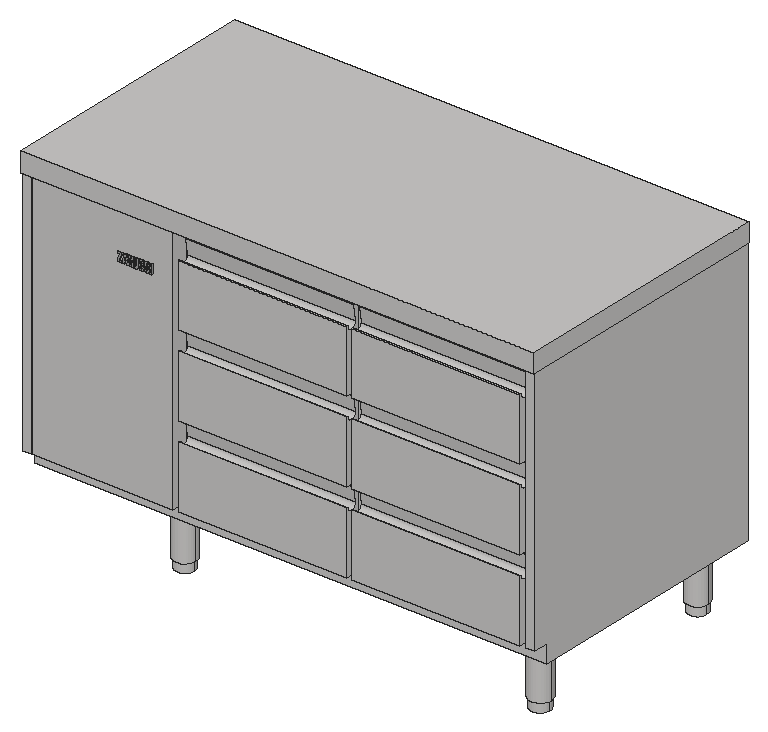
Revit family "QF_ZANUSSI_111033_ZH2HBCC", category Specialty Equipment, Revit 2018
Family settings
  Round Connector Dimension = Use Diameter
  Part Type = Normal
  Work Plane-Based = No
  Always vertical = Yes
  Cut with Voids When Loaded = No
  Shared = No
  Room Calculation Point = No
Parameters
  Weight = 0.00 kg
  Watts = 0.0232258 W
  Volts = 220 V
  URL Manufacturer = "http://www.zanussiprofessional.com/"
  URL = "http://www.zanussiprofessional.com/"
  Steam Supply Size = 0 mm
  Steam Supply Minimum Pressure = 0.0 Pa
  Steam Supply Maximum Pressure = 0.0 Pa
  Steam Pounds per Hour = 0
  Show Logo [instance] = yes
  Show Clearance [instance] = yes
  Refrigeration Suction Line Size = 0 mm
  Refrigeration Liquid Line Size = 0 mm
  Refrigerant Compressor Remote = yes
  Manufacturer = "Zanussi"
  Phase = 1
  Model = "ZH2HBCC"
  Length Actual = 1345 mm  # constant formula
  Item Number = "111033"
  Hot Water Size = 0 mm
  Height Actual = 900 mm  # constant formula
  HP = "0.3 HP"
  Gas Size = 0 mm
  Gas KW = 0
  Gas Input Pressure = 0 W
  Description = "6X 1/3 DRAWERS REFRIGER.TABLE 290L"
  Depth Actual = 700 mm  # constant formula
  Cycle = 50 Hz
  Condensate Return Size = 0 mm
  Compressed Air Volume = 0.0 L/s
  Compressed Air Size = 0 mm
  Compressed Air Pressure = 0.0 Pa
  Cold Water Size = 0 mm
  Accessory = yes
Reference planes
  plane 1 "Center X": y = 182.5
  plane 2: z = 0
  plane 3 "Center Y": x = -126.5
  plane 4: y = -62.5
  plane 5: y = 451.5
  plane 6 "BACK": y = 532.5
  plane 7 "FRONT": y = -167.5
  plane 8: x = -452
  plane 9: x = 478
  plane 10: z = 150
  plane 11 "TOP": z = 900
  plane 12: z = 850
  plane 13 "LEFT": x = -797
  plane 14 "RIGHT": x = 544
  plane 15: x = -799
  plane 16: x = 546
Forms (mm)
  Extrusion 1, solid, material "QF_Finishes_Stainless Steel"
    sketch origin (-126.5, 2, 0) x (0, 1, 0) y (0, 0, 1)
      loop
        line (530.5, 150) -> (530.5, 850) -> (-124.5, 850) -> (-124.5, 150) -> (530.5, 150)
    from -670.5 to 670.5
  Extrusion 2, solid, material "QF_Finishes_Stainless Steel"
    sketch origin (-1022.223, -1524, 150) x (-1, 0, 0) y (0, -1, 0)
      loop
        line (-225.223, -1361.5) -> (-250.223, -1361.5) -> (-250.223, -1401.5) -> (-225.223, -1401.5) -> (-225.223, -1361.5)
      loop
        line (-1566.223, -1401.5) -> (-1541.223, -1401.5) -> (-1541.223, -1361.5) -> (-1566.223, -1361.5) -> (-1566.223, -1401.5)
    from 47 to 700
  Extrusion 3, solid, material "QF_Finishes_Stainless Steel"
    sketch origin (0, 0, 900) x (-1, 0, 0) y (0, -1, 0)
      loop
        circle (-57, -94.5) r 8.45
    from -790.577 to -750
  Extrusion 4, solid, material "QF_Finishes_Stainless Steel"
    sketch origin (0, 0, 0) x (1, 0, 0) y (0, 1, 0)
      loop
        circle (-713, 451.5) r 4
    from 109.423 to 150
  Extrusion 5, solid, material "QF_Finishes_Stainless Steel"
    sketch origin (-126.5, 0, 0) x (0, 1, 0) y (0, 0, 1)
      loop
        line (-167.5, 900) -> (-167.5, 850) -> (532.5, 850) -> (532.5, 900) -> (-167.5, 900)
    from 672.5 to -672.5
Cuts and joins
  joined: Extrusion 1, Extrusion 2
Lines and regions (mm)
  symbolic lines, style "SpecialityEquipmentHiddenLines"
    curve 1: line (-799, -122.5, 900) -> (546, -122.5, 900)
    curve 2: line (-396, -167.5, 900) -> (-396, -122.5, 900)
  symbolic lines, style "SpecialityEquipment"
    curve 3: line (-799, 532.5, 900) -> (546, 532.5, 900)
    curve 4: line (-799, 532.5, 900) -> (-799, -167.5, 900)
    curve 5: line (-799, -167.5, 900) -> (546, -167.5, 900)
    curve 6: line (546, -167.5, 900) -> (546, 532.5, 900)
Dimensions and locks
  locked: plane 6 "BACK" to plane 7 "FRONT" at 700
  equal spacing: plane 6 "BACK", plane 1 "Center X", plane 7 "FRONT"
  locked: plane 6 "BACK" to plane 5 at 81
  plane 10 to level = 150 mm
  plane 11 "TOP" to plane 12 to plane 10 = 50 mm locked, 700 mm locked
  locked: Extrusion 2 sketch curve to Extrusion 2 sketch curve at 25  (x2)
  locked: plane 4 to plane 7 "FRONT" at 105
  locked: plane 6 "BACK" to Extrusion 3 sketch curve at 438
  equal spacing: plane 13 "LEFT", plane 3 "Center Y", plane 14 "RIGHT"
  plane 15 to plane 16 = 1345 mm
  locked: plane 13 "LEFT" to plane 8 at 345
  locked: plane 9 to plane 14 "RIGHT" at 66
  locked: Extrusion 3 sketch curve to plane 14 "RIGHT" at 487
  plane 13 "LEFT" to Extrusion 4 sketch curve = 84 mm
  locked: plane 6 "BACK" to Extrusion 4 sketch curve at 81
  locked: plane 10 to Extrusion 4 at 40.577
  aligned and locked: level to plane 2
  aligned and locked: plane 10 to Extrusion 3
  aligned and locked: nested 4 to plane 4
  aligned and locked: nested 1 to plane 4
  aligned and locked: nested 3 to plane 5
  aligned and locked: nested 2 to plane 5
  aligned and locked: plane 8 to nested 1
  aligned and locked: plane 8 to nested 2
  aligned and locked: plane 9 to nested 4
  aligned and locked: plane 9 to nested 3
  aligned and locked: Extrusion 1 to Extrusion 2
  aligned and locked: Extrusion 2 to Extrusion 1
  aligned and locked: Extrusion 2 sketch curve to plane 14 "RIGHT"
  aligned and locked: plane 13 "LEFT" to Extrusion 2 sketch curve
  aligned and locked: cut or joined group of Extrusion 1, Extrusion 2 to plane 10
  aligned and locked: plane 12 to cut or joined group of Extrusion 1, Extrusion 2
  aligned and locked: plane 10 to Extrusion 4
  aligned and locked: Extrusion 5 sketch curve to plane 11 "TOP"
  aligned and locked: plane 7 "FRONT" to Extrusion 5 sketch curve
  aligned and locked: Extrusion 5 sketch curve to cut or joined group of Extrusion 1, Extrusion 2  (x2)
  aligned and locked: Extrusion 5 to curve 3
Automatic sketch dimensions
  plane 7 "FRONT" to Extrusion 2 sketch curve = 45 mm  (x2)
  plane 7 "FRONT" to Extrusion 2 sketch curve = 5 mm  (x2)
  curve 2 to plane 7 "FRONT" = 0 mm
  curve 5 to plane 15 = 0 mm
  curve 3 to plane 6 "BACK" = 0 mm
  plane 8 to curve 2 = 56 mm
  plane 7 "FRONT" to curve 1 = 45 mm
  Extrusion 1 sketch curve to plane 10 = 0 mm
  Extrusion 1 sketch curve to plane 12 = 0 mm
  Extrusion 1 sketch curve to plane 6 "BACK" = 0 mm
  plane 7 "FRONT" to Extrusion 1 sketch curve = 45 mm
  radius of Extrusion 3 sketch curve = 8.45 mm
  radius of Extrusion 4 sketch curve = 4 mm
Nested families
  nested 1: "Foot_Ø50_H150" at (-452, -62.5, 0), type "Foot_Ø50_H150"
  nested 2: "Foot_Ø50_H150" at (-452, 451.5, 0), type "Foot_Ø50_H150"
  nested 3: "Foot_Ø50_H150" at (478, 451.5, 0), type "Foot_Ø50_H150"
  nested 4: "Foot_Ø50_H150" at (478, -62.5, 0), type "Foot_Ø50_H150"
  nested 5: "3x1-3 Drawers" at (285, -164.5, 0), Show Clearance <- "Show Clearance", type "3x1-3 Drawers"
  nested 6: "3x1-3 Drawers" at (-169, -164.5, 0) x (-1, 0, 0) z (0, 0, 1), Show Clearance <- "Show Clearance", type "3x1-3 Drawers"
  nested 7: "Refrigerator" at (544, -167.5, 900), type "Refrigerator"
  nested 8: "ZAN_Cooling Unit" at (-587.5, -164.5, 0), Show Logo <- "Show Logo", type "ZAN_Cooling Unit"
Connectors
  electrical at (-713, 451.5, 109.423), driven by "Volts"
    settings: on Extrusion 4, index 4, voltage 220 V, apparent load 0 VA, apparent load phase1 0 VA, apparent load phase2 0 VA, apparent load phase3 0 VA, power factor 1, load classification "Altro", number of poles 1, system type 30, power factor state 1, is connector primary yes, connector utility no, sub classification motor no, connector description "Electrical Connection"
  piping at (57, 94.5, 109.423), diameter 17
    settings: on Extrusion 3, index 5, connector inside diameter 609.6 mm, connector length 0 mm, flow factor 0, pipe flow 0.0 L/s, pressure drop 0.0 Pa, fitting loss kfactor 0, connector angle 0.00°, fixture units 0, engagement length 0 mm, angle of deflection 0.00°, flow configuration 1, flow direction 2, fitting loss method 0, system type 16, joint type 0, gender type 0, connector reference index -1, connector utility 0, adjustable connector no, is connector primary yes, connector description "Drain"
Definition of nested family "Foot_Ø50_H150"
  Reference planes
    plane 1 "Centro (Fronte/Retro)": y = 0
    plane 2: z = 0
    plane 3 "Centro (Sinistra/Destra)": x = 0
    plane 4: z = 150
  Forms (mm)
    Revolve 1, solid
      sketch origin (255.05, 0, 608.09) x (0, 0, 1) y (-1, 0, 0)
        loop
          line (-608.09, 255.05) -> (-608.09, 230.05) -> (-583.09, 230.05) -> (-583.09, 226.05) -> (-458.09, 226.05) -> (-458.09, 255.05) -> (-608.09, 255.05)
        axis (-608.09, 255.05) -> (-458.09, 255.05)
      angle from 0 to 360
  Dimensions and locks
    locked: Revolve 1 sketch curve to Revolve 1 sketch curve at 125
    aligned and locked: level to plane 2
    aligned and locked: plane 4 to Revolve 1 sketch curve
    aligned and locked: Revolve 1 sketch curve to level
    aligned and locked: plane 3 "Centro (Sinistra/Destra)" to Revolve 1 sketch curve
Definition of nested family "3x1-3 Drawers"
  Parameters
    Show Clearance [instance] = yes
  Reference planes
    plane 1 "FRONT": y = -3
    plane 2: z = 0
    plane 3 "Centro (Sinistra/Destra)": x = 0
    plane 4: z = 150
    plane 5: z = 850
    plane 6: x = -234
    plane 7: x = 234
    plane 8: x = -220
    plane 9: x = 220
  Forms (mm)
    Extrusion 1, solid
      sketch origin (0, 55, 511) x (0, 0, 1) y (0, -1, 0)
        loop
          line (314, 18) -> (314, 29) -> (274.395, 22.5)
          arc (274.395, 22.5) -> (260.395, 36.5) -> (274.395, 50.5) r 14
          line (274.395, 50.5) -> (274.395, 53) -> (111.333, 53) -> (111.333, 18) -> (314, 18)
        loop
          line (101.333, 29) -> (61.728, 22.5)
          arc (61.728, 22.5) -> (47.728, 36.5) -> (61.728, 50.5) r 14
          line (61.728, 50.5) -> (61.728, 53) -> (-101.333, 53) -> (-101.333, 18) -> (101.333, 18) -> (101.333, 29)
        loop
          line (-314, 18) -> (-111.333, 18) -> (-111.333, 29) -> (-150.939, 22.5)
          arc (-150.939, 22.5) -> (-164.939, 36.5) -> (-150.939, 50.5) r 14
          line (-150.939, 50.5) -> (-150.939, 53) -> (-314, 53) -> (-314, 18)
      from -220 to 220
    Extrusion 2, solid, visible <- "Show Clearance", detail levels coarse
      sketch origin (0, -462, 511) x (0, 0, 1) y (0, -1, 0)
        loop
          line (-314, 109) -> (-314, -464) -> (-111.333, -464) -> (-111.333, 109) -> (-314, 109)
        loop
          line (314, -464) -> (314, 109) -> (111.333, 109) -> (111.333, -464) -> (314, -464)
        loop
          line (101.333, 109) -> (-101.333, 109) -> (-101.333, -464) -> (101.333, -464) -> (101.333, 109)
      from -220 to 220
  Lines and regions (mm)
    symbolic lines
      curve 1: line (-190, -3, 0) -> (-190, -48, 0)
      curve 2: line (220, -48, 0) -> (-220, -48, 0)
      curve 3: line (-220, -48, 0) -> (-220, -83, 0)
      curve 4: line (-220, -83, 0) -> (220, -83, 0)
      curve 5: line (220, -83, 0) -> (220, -48, 0)
      curve 6: line (190, -48, 0) -> (190, -3, 0)
      curve 7: line (-190, -83, 0) -> (-190, -128, 0)
      curve 8: line (220, -128, 0) -> (-220, -128, 0)
      curve 9: line (-220, -128, 0) -> (-220, -163, 0)
      curve 10: line (-220, -163, 0) -> (220, -163, 0)
      curve 11: line (220, -163, 0) -> (220, -128, 0)
      curve 12: line (190, -128, 0) -> (190, -83, 0)
      curve 13: line (-190, -163, 0) -> (-190, -208, 0)
      curve 14: line (220, -208, 0) -> (-220, -208, 0)
      curve 15: line (-220, -208, 0) -> (-220, -243, 0)
      curve 16: line (-220, -243, 0) -> (220, -243, 0)
      curve 17: line (220, -243, 0) -> (220, -208, 0)
      curve 18: line (190, -208, 0) -> (190, -163, 0)
  Dimensions and locks
    aligned and locked: level to plane 2
Definition of nested family "ZAN_Cooling Unit"
  Parameters
    Show Logo [instance] = yes
  Reference planes
    plane 1 "FRONT": y = -3
    plane 2: z = 0
    plane 3 "Centro (Sinistra/Destra)": x = 0
    plane 4: z = 150
    plane 5: z = 850
    plane 6: x = -184.5
    plane 7: x = 184.5
  Forms (mm)
    Extrusion 1, solid
      sketch origin (0, 55, 511) x (0, 0, 1) y (0, -1, 0)
        loop
          line (-314, 53) -> (-314, 13) -> (339, 13) -> (339, 53) -> (-314, 53)
      from -184.5 to 184.5
  Lines and regions (mm)
    Split face 1
      outline origin (0, 2, 197) x (0, 0, 1) y (-1, 0, 0)
        loop
          line (566.835, 184.5) -> (566.835, -184.5)
        loop
          line (521.835, 184.5) -> (521.835, -184.5)
    Split face 2
      outline origin (0, 2, 197) x (0, 0, 1) y (-1, 0, 0)
        loop
          arc (510.649, 158.547) -> (506.648, 162.548) -> (502.647, 158.547) r 4.001
          line (502.647, 158.547) -> (502.647, 116.535)
          arc (502.647, 116.535) -> (506.648, 112.533) -> (510.649, 116.535) r 4.001
          line (510.649, 116.535) -> (510.649, 158.547)
    Split face 3
      outline origin (0, 2, 184.996) x (0, 0, 1) y (-1, 0, 0)
        loop
          arc (510.649, 158.547) -> (506.648, 162.548) -> (502.647, 158.547) r 4.001
          line (502.647, 158.547) -> (502.647, 116.535)
          arc (502.647, 116.535) -> (506.648, 112.533) -> (510.649, 116.535) r 4.001
          line (510.649, 116.535) -> (510.649, 158.547)
    Split face 4
      outline origin (0, 2, 172.993) x (0, 0, 1) y (-1, 0, 0)
        loop
          arc (510.649, 158.547) -> (506.648, 162.548) -> (502.647, 158.547) r 4.001
          line (502.647, 158.547) -> (502.647, 116.535)
          arc (502.647, 116.535) -> (506.648, 112.533) -> (510.649, 116.535) r 4.001
          line (510.649, 116.535) -> (510.649, 158.547)
    Split face 5
      outline origin (0, 2, 160.989) x (0, 0, 1) y (-1, 0, 0)
        loop
          arc (510.649, 158.547) -> (506.648, 162.548) -> (502.647, 158.547) r 4.001
          line (502.647, 158.547) -> (502.647, 116.535)
          arc (502.647, 116.535) -> (506.648, 112.533) -> (510.649, 116.535) r 4.001
          line (510.649, 116.535) -> (510.649, 158.547)
    Split face 6
      outline origin (0, 2, 148.986) x (0, 0, 1) y (-1, 0, 0)
        loop
          arc (510.649, 158.547) -> (506.648, 162.548) -> (502.647, 158.547) r 4.001
          line (502.647, 158.547) -> (502.647, 116.535)
          arc (502.647, 116.535) -> (506.648, 112.533) -> (510.649, 116.535) r 4.001
          line (510.649, 116.535) -> (510.649, 158.547)
    Split face 7
      outline origin (0, 2, 136.982) x (0, 0, 1) y (-1, 0, 0)
        loop
          arc (510.649, 158.547) -> (506.648, 162.548) -> (502.647, 158.547) r 4.001
          line (502.647, 158.547) -> (502.647, 116.535)
          arc (502.647, 116.535) -> (506.648, 112.533) -> (510.649, 116.535) r 4.001
          line (510.649, 116.535) -> (510.649, 158.547)
    Split face 8
      outline origin (0, 2, 124.979) x (0, 0, 1) y (-1, 0, 0)
        loop
          arc (510.649, 158.547) -> (506.648, 162.548) -> (502.647, 158.547) r 4.001
          line (502.647, 158.547) -> (502.647, 116.535)
          arc (502.647, 116.535) -> (506.648, 112.533) -> (510.649, 116.535) r 4.001
          line (510.649, 116.535) -> (510.649, 158.547)
    Split face 9
      outline origin (0, 2, 112.975) x (0, 0, 1) y (-1, 0, 0)
        loop
          arc (510.649, 158.547) -> (506.648, 162.548) -> (502.647, 158.547) r 4.001
          line (502.647, 158.547) -> (502.647, 116.535)
          arc (502.647, 116.535) -> (506.648, 112.533) -> (510.649, 116.535) r 4.001
          line (510.649, 116.535) -> (510.649, 158.547)
    Split face 10
      outline origin (0, 2, 100.972) x (0, 0, 1) y (-1, 0, 0)
        loop
          arc (510.649, 158.547) -> (506.648, 162.548) -> (502.647, 158.547) r 4.001
          line (502.647, 158.547) -> (502.647, 116.535)
          arc (502.647, 116.535) -> (506.648, 112.533) -> (510.649, 116.535) r 4.001
          line (510.649, 116.535) -> (510.649, 158.547)
    Split face 11
      outline origin (0, 2, 88.968) x (0, 0, 1) y (-1, 0, 0)
        loop
          arc (510.649, 158.547) -> (506.648, 162.548) -> (502.647, 158.547) r 4.001
          line (502.647, 158.547) -> (502.647, 116.535)
          arc (502.647, 116.535) -> (506.648, 112.533) -> (510.649, 116.535) r 4.001
          line (510.649, 116.535) -> (510.649, 158.547)
    Split face 12
      outline origin (0, 2, 76.965) x (0, 0, 1) y (-1, 0, 0)
        loop
          arc (510.649, 158.547) -> (506.648, 162.548) -> (502.647, 158.547) r 4.001
          line (502.647, 158.547) -> (502.647, 116.535)
          arc (502.647, 116.535) -> (506.648, 112.533) -> (510.649, 116.535) r 4.001
          line (510.649, 116.535) -> (510.649, 158.547)
    Split face 13
      outline origin (0, 2, 64.961) x (0, 0, 1) y (-1, 0, 0)
        loop
          arc (510.649, 158.547) -> (506.648, 162.548) -> (502.647, 158.547) r 4.001
          line (502.647, 158.547) -> (502.647, 116.535)
          arc (502.647, 116.535) -> (506.648, 112.533) -> (510.649, 116.535) r 4.001
          line (510.649, 116.535) -> (510.649, 158.547)
    Split face 14
      outline origin (0, 2, 52.958) x (0, 0, 1) y (-1, 0, 0)
        loop
          arc (510.649, 158.547) -> (506.648, 162.548) -> (502.647, 158.547) r 4.001
          line (502.647, 158.547) -> (502.647, 116.535)
          arc (502.647, 116.535) -> (506.648, 112.533) -> (510.649, 116.535) r 4.001
          line (510.649, 116.535) -> (510.649, 158.547)
    Split face 15
      outline origin (0, 2, 40.954) x (0, 0, 1) y (-1, 0, 0)
        loop
          arc (510.649, 158.547) -> (506.648, 162.548) -> (502.647, 158.547) r 4.001
          line (502.647, 158.547) -> (502.647, 116.535)
          arc (502.647, 116.535) -> (506.648, 112.533) -> (510.649, 116.535) r 4.001
          line (510.649, 116.535) -> (510.649, 158.547)
    Split face 16
      outline origin (0, 2, 28.951) x (0, 0, 1) y (-1, 0, 0)
        loop
          arc (510.649, 158.547) -> (506.648, 162.548) -> (502.647, 158.547) r 4.001
          line (502.647, 158.547) -> (502.647, 116.535)
          arc (502.647, 116.535) -> (506.648, 112.533) -> (510.649, 116.535) r 4.001
          line (510.649, 116.535) -> (510.649, 158.547)
    Split face 17
      outline origin (0, 2, 16.947) x (0, 0, 1) y (-1, 0, 0)
        loop
          arc (510.649, 158.547) -> (506.648, 162.548) -> (502.647, 158.547) r 4.001
          line (502.647, 158.547) -> (502.647, 116.535)
          arc (502.647, 116.535) -> (506.648, 112.533) -> (510.649, 116.535) r 4.001
          line (510.649, 116.535) -> (510.649, 158.547)
    Split face 18
      outline origin (55.016, 2, 197) x (0, 0, 1) y (-1, 0, 0)
        loop
          arc (510.649, 158.547) -> (506.648, 162.548) -> (502.647, 158.547) r 4.001
          line (502.647, 158.547) -> (502.647, 116.535)
          arc (502.647, 116.535) -> (506.648, 112.533) -> (510.649, 116.535) r 4.001
          line (510.649, 116.535) -> (510.649, 158.547)
    Split face 19
      outline origin (55.016, 2, 184.996) x (0, 0, 1) y (-1, 0, 0)
        loop
          arc (510.649, 158.547) -> (506.648, 162.548) -> (502.647, 158.547) r 4.001
          line (502.647, 158.547) -> (502.647, 116.535)
          arc (502.647, 116.535) -> (506.648, 112.533) -> (510.649, 116.535) r 4.001
          line (510.649, 116.535) -> (510.649, 158.547)
    Split face 20
      outline origin (55.016, 2, 172.993) x (0, 0, 1) y (-1, 0, 0)
        loop
          arc (510.649, 158.547) -> (506.648, 162.548) -> (502.647, 158.547) r 4.001
          line (502.647, 158.547) -> (502.647, 116.535)
          arc (502.647, 116.535) -> (506.648, 112.533) -> (510.649, 116.535) r 4.001
          line (510.649, 116.535) -> (510.649, 158.547)
    Split face 21
      outline origin (55.016, 2, 160.989) x (0, 0, 1) y (-1, 0, 0)
        loop
          arc (510.649, 158.547) -> (506.648, 162.548) -> (502.647, 158.547) r 4.001
          line (502.647, 158.547) -> (502.647, 116.535)
          arc (502.647, 116.535) -> (506.648, 112.533) -> (510.649, 116.535) r 4.001
          line (510.649, 116.535) -> (510.649, 158.547)
    Split face 22
      outline origin (55.016, 2, 148.986) x (0, 0, 1) y (-1, 0, 0)
        loop
          arc (510.649, 158.547) -> (506.648, 162.548) -> (502.647, 158.547) r 4.001
          line (502.647, 158.547) -> (502.647, 116.535)
          arc (502.647, 116.535) -> (506.648, 112.533) -> (510.649, 116.535) r 4.001
          line (510.649, 116.535) -> (510.649, 158.547)
    Split face 23
      outline origin (55.016, 2, 136.982) x (0, 0, 1) y (-1, 0, 0)
        loop
          arc (510.649, 158.547) -> (506.648, 162.548) -> (502.647, 158.547) r 4.001
          line (502.647, 158.547) -> (502.647, 116.535)
          arc (502.647, 116.535) -> (506.648, 112.533) -> (510.649, 116.535) r 4.001
          line (510.649, 116.535) -> (510.649, 158.547)
    Split face 24
      outline origin (55.016, 2, 124.979) x (0, 0, 1) y (-1, 0, 0)
        loop
          arc (510.649, 158.547) -> (506.648, 162.548) -> (502.647, 158.547) r 4.001
          line (502.647, 158.547) -> (502.647, 116.535)
          arc (502.647, 116.535) -> (506.648, 112.533) -> (510.649, 116.535) r 4.001
          line (510.649, 116.535) -> (510.649, 158.547)
    Split face 25
      outline origin (55.016, 2, 112.975) x (0, 0, 1) y (-1, 0, 0)
        loop
          arc (510.649, 158.547) -> (506.648, 162.548) -> (502.647, 158.547) r 4.001
          line (502.647, 158.547) -> (502.647, 116.535)
          arc (502.647, 116.535) -> (506.648, 112.533) -> (510.649, 116.535) r 4.001
          line (510.649, 116.535) -> (510.649, 158.547)
    Split face 26
      outline origin (55.016, 2, 100.972) x (0, 0, 1) y (-1, 0, 0)
        loop
          arc (510.649, 158.547) -> (506.648, 162.548) -> (502.647, 158.547) r 4.001
          line (502.647, 158.547) -> (502.647, 116.535)
          arc (502.647, 116.535) -> (506.648, 112.533) -> (510.649, 116.535) r 4.001
          line (510.649, 116.535) -> (510.649, 158.547)
    Split face 27
      outline origin (55.016, 2, 88.968) x (0, 0, 1) y (-1, 0, 0)
        loop
          arc (510.649, 158.547) -> (506.648, 162.548) -> (502.647, 158.547) r 4.001
          line (502.647, 158.547) -> (502.647, 116.535)
          arc (502.647, 116.535) -> (506.648, 112.533) -> (510.649, 116.535) r 4.001
          line (510.649, 116.535) -> (510.649, 158.547)
    Split face 28
      outline origin (55.016, 2, 76.965) x (0, 0, 1) y (-1, 0, 0)
        loop
          arc (510.649, 158.547) -> (506.648, 162.548) -> (502.647, 158.547) r 4.001
          line (502.647, 158.547) -> (502.647, 116.535)
          arc (502.647, 116.535) -> (506.648, 112.533) -> (510.649, 116.535) r 4.001
          line (510.649, 116.535) -> (510.649, 158.547)
    Split face 29
      outline origin (55.016, 2, 64.961) x (0, 0, 1) y (-1, 0, 0)
        loop
          arc (510.649, 158.547) -> (506.648, 162.548) -> (502.647, 158.547) r 4.001
          line (502.647, 158.547) -> (502.647, 116.535)
          arc (502.647, 116.535) -> (506.648, 112.533) -> (510.649, 116.535) r 4.001
          line (510.649, 116.535) -> (510.649, 158.547)
    Split face 30
      outline origin (55.016, 2, 52.958) x (0, 0, 1) y (-1, 0, 0)
        loop
          arc (510.649, 158.547) -> (506.648, 162.548) -> (502.647, 158.547) r 4.001
          line (502.647, 158.547) -> (502.647, 116.535)
          arc (502.647, 116.535) -> (506.648, 112.533) -> (510.649, 116.535) r 4.001
          line (510.649, 116.535) -> (510.649, 158.547)
    Split face 31
      outline origin (55.016, 2, 40.954) x (0, 0, 1) y (-1, 0, 0)
        loop
          arc (510.649, 158.547) -> (506.648, 162.548) -> (502.647, 158.547) r 4.001
          line (502.647, 158.547) -> (502.647, 116.535)
          arc (502.647, 116.535) -> (506.648, 112.533) -> (510.649, 116.535) r 4.001
          line (510.649, 116.535) -> (510.649, 158.547)
    Split face 32
      outline origin (55.016, 2, 28.951) x (0, 0, 1) y (-1, 0, 0)
        loop
          arc (510.649, 158.547) -> (506.648, 162.548) -> (502.647, 158.547) r 4.001
          line (502.647, 158.547) -> (502.647, 116.535)
          arc (502.647, 116.535) -> (506.648, 112.533) -> (510.649, 116.535) r 4.001
          line (510.649, 116.535) -> (510.649, 158.547)
    Split face 33
      outline origin (55.016, 2, 16.947) x (0, 0, 1) y (-1, 0, 0)
        loop
          arc (510.649, 158.547) -> (506.648, 162.548) -> (502.647, 158.547) r 4.001
          line (502.647, 158.547) -> (502.647, 116.535)
          arc (502.647, 116.535) -> (506.648, 112.533) -> (510.649, 116.535) r 4.001
          line (510.649, 116.535) -> (510.649, 158.547)
    Split face 34
      outline origin (110.032, 2, 197) x (0, 0, 1) y (-1, 0, 0)
        loop
          arc (510.649, 158.547) -> (506.648, 162.548) -> (502.647, 158.547) r 4.001
          line (502.647, 158.547) -> (502.647, 116.535)
          arc (502.647, 116.535) -> (506.648, 112.533) -> (510.649, 116.535) r 4.001
          line (510.649, 116.535) -> (510.649, 158.547)
    Split face 35
      outline origin (110.032, 2, 184.996) x (0, 0, 1) y (-1, 0, 0)
        loop
          arc (510.649, 158.547) -> (506.648, 162.548) -> (502.647, 158.547) r 4.001
          line (502.647, 158.547) -> (502.647, 116.535)
          arc (502.647, 116.535) -> (506.648, 112.533) -> (510.649, 116.535) r 4.001
          line (510.649, 116.535) -> (510.649, 158.547)
    Split face 36
      outline origin (110.032, 2, 172.993) x (0, 0, 1) y (-1, 0, 0)
        loop
          arc (510.649, 158.547) -> (506.648, 162.548) -> (502.647, 158.547) r 4.001
          line (502.647, 158.547) -> (502.647, 116.535)
          arc (502.647, 116.535) -> (506.648, 112.533) -> (510.649, 116.535) r 4.001
          line (510.649, 116.535) -> (510.649, 158.547)
    Split face 37
      outline origin (110.032, 2, 160.989) x (0, 0, 1) y (-1, 0, 0)
        loop
          arc (510.649, 158.547) -> (506.648, 162.548) -> (502.647, 158.547) r 4.001
          line (502.647, 158.547) -> (502.647, 116.535)
          arc (502.647, 116.535) -> (506.648, 112.533) -> (510.649, 116.535) r 4.001
          line (510.649, 116.535) -> (510.649, 158.547)
    Split face 38
      outline origin (110.032, 2, 148.986) x (0, 0, 1) y (-1, 0, 0)
        loop
          arc (510.649, 158.547) -> (506.648, 162.548) -> (502.647, 158.547) r 4.001
          line (502.647, 158.547) -> (502.647, 116.535)
          arc (502.647, 116.535) -> (506.648, 112.533) -> (510.649, 116.535) r 4.001
          line (510.649, 116.535) -> (510.649, 158.547)
    Split face 39
      outline origin (110.032, 2, 136.982) x (0, 0, 1) y (-1, 0, 0)
        loop
          arc (510.649, 158.547) -> (506.648, 162.548) -> (502.647, 158.547) r 4.001
          line (502.647, 158.547) -> (502.647, 116.535)
          arc (502.647, 116.535) -> (506.648, 112.533) -> (510.649, 116.535) r 4.001
          line (510.649, 116.535) -> (510.649, 158.547)
    Split face 40
      outline origin (110.032, 2, 124.979) x (0, 0, 1) y (-1, 0, 0)
        loop
          arc (510.649, 158.547) -> (506.648, 162.548) -> (502.647, 158.547) r 4.001
          line (502.647, 158.547) -> (502.647, 116.535)
          arc (502.647, 116.535) -> (506.648, 112.533) -> (510.649, 116.535) r 4.001
          line (510.649, 116.535) -> (510.649, 158.547)
    Split face 41
      outline origin (110.032, 2, 112.975) x (0, 0, 1) y (-1, 0, 0)
        loop
          arc (510.649, 158.547) -> (506.648, 162.548) -> (502.647, 158.547) r 4.001
          line (502.647, 158.547) -> (502.647, 116.535)
          arc (502.647, 116.535) -> (506.648, 112.533) -> (510.649, 116.535) r 4.001
          line (510.649, 116.535) -> (510.649, 158.547)
    Split face 42
      outline origin (110.032, 2, 100.972) x (0, 0, 1) y (-1, 0, 0)
        loop
          arc (510.649, 158.547) -> (506.648, 162.548) -> (502.647, 158.547) r 4.001
          line (502.647, 158.547) -> (502.647, 116.535)
          arc (502.647, 116.535) -> (506.648, 112.533) -> (510.649, 116.535) r 4.001
          line (510.649, 116.535) -> (510.649, 158.547)
    Split face 43
      outline origin (110.032, 2, 88.968) x (0, 0, 1) y (-1, 0, 0)
        loop
          arc (510.649, 158.547) -> (506.648, 162.548) -> (502.647, 158.547) r 4.001
          line (502.647, 158.547) -> (502.647, 116.535)
          arc (502.647, 116.535) -> (506.648, 112.533) -> (510.649, 116.535) r 4.001
          line (510.649, 116.535) -> (510.649, 158.547)
    Split face 44
      outline origin (110.032, 2, 76.965) x (0, 0, 1) y (-1, 0, 0)
        loop
          arc (510.649, 158.547) -> (506.648, 162.548) -> (502.647, 158.547) r 4.001
          line (502.647, 158.547) -> (502.647, 116.535)
          arc (502.647, 116.535) -> (506.648, 112.533) -> (510.649, 116.535) r 4.001
          line (510.649, 116.535) -> (510.649, 158.547)
    Split face 45
      outline origin (110.032, 2, 64.961) x (0, 0, 1) y (-1, 0, 0)
        loop
          arc (510.649, 158.547) -> (506.648, 162.548) -> (502.647, 158.547) r 4.001
          line (502.647, 158.547) -> (502.647, 116.535)
          arc (502.647, 116.535) -> (506.648, 112.533) -> (510.649, 116.535) r 4.001
          line (510.649, 116.535) -> (510.649, 158.547)
    Split face 46
      outline origin (110.032, 2, 52.958) x (0, 0, 1) y (-1, 0, 0)
        loop
          arc (510.649, 158.547) -> (506.648, 162.548) -> (502.647, 158.547) r 4.001
          line (502.647, 158.547) -> (502.647, 116.535)
          arc (502.647, 116.535) -> (506.648, 112.533) -> (510.649, 116.535) r 4.001
          line (510.649, 116.535) -> (510.649, 158.547)
    Split face 47
      outline origin (110.032, 2, 40.954) x (0, 0, 1) y (-1, 0, 0)
        loop
          arc (510.649, 158.547) -> (506.648, 162.548) -> (502.647, 158.547) r 4.001
          line (502.647, 158.547) -> (502.647, 116.535)
          arc (502.647, 116.535) -> (506.648, 112.533) -> (510.649, 116.535) r 4.001
          line (510.649, 116.535) -> (510.649, 158.547)
    Split face 48
      outline origin (110.032, 2, 28.951) x (0, 0, 1) y (-1, 0, 0)
        loop
          arc (510.649, 158.547) -> (506.648, 162.548) -> (502.647, 158.547) r 4.001
          line (502.647, 158.547) -> (502.647, 116.535)
          arc (502.647, 116.535) -> (506.648, 112.533) -> (510.649, 116.535) r 4.001
          line (510.649, 116.535) -> (510.649, 158.547)
    Split face 49
      outline origin (110.032, 2, 16.947) x (0, 0, 1) y (-1, 0, 0)
        loop
          arc (510.649, 158.547) -> (506.648, 162.548) -> (502.647, 158.547) r 4.001
          line (502.647, 158.547) -> (502.647, 116.535)
          arc (502.647, 116.535) -> (506.648, 112.533) -> (510.649, 116.535) r 4.001
          line (510.649, 116.535) -> (510.649, 158.547)
    Split face 50
      outline origin (165.048, 2, 197) x (0, 0, 1) y (-1, 0, 0)
        loop
          arc (510.649, 158.547) -> (506.648, 162.548) -> (502.647, 158.547) r 4.001
          line (502.647, 158.547) -> (502.647, 116.535)
          arc (502.647, 116.535) -> (506.648, 112.533) -> (510.649, 116.535) r 4.001
          line (510.649, 116.535) -> (510.649, 158.547)
    Split face 51
      outline origin (165.048, 2, 184.996) x (0, 0, 1) y (-1, 0, 0)
        loop
          arc (510.649, 158.547) -> (506.648, 162.548) -> (502.647, 158.547) r 4.001
          line (502.647, 158.547) -> (502.647, 116.535)
          arc (502.647, 116.535) -> (506.648, 112.533) -> (510.649, 116.535) r 4.001
          line (510.649, 116.535) -> (510.649, 158.547)
    Split face 52
      outline origin (165.048, 2, 172.993) x (0, 0, 1) y (-1, 0, 0)
        loop
          arc (510.649, 158.547) -> (506.648, 162.548) -> (502.647, 158.547) r 4.001
          line (502.647, 158.547) -> (502.647, 116.535)
          arc (502.647, 116.535) -> (506.648, 112.533) -> (510.649, 116.535) r 4.001
          line (510.649, 116.535) -> (510.649, 158.547)
    Split face 53
      outline origin (165.048, 2, 160.989) x (0, 0, 1) y (-1, 0, 0)
        loop
          arc (510.649, 158.547) -> (506.648, 162.548) -> (502.647, 158.547) r 4.001
          line (502.647, 158.547) -> (502.647, 116.535)
          arc (502.647, 116.535) -> (506.648, 112.533) -> (510.649, 116.535) r 4.001
          line (510.649, 116.535) -> (510.649, 158.547)
    Split face 54
      outline origin (165.048, 2, 148.986) x (0, 0, 1) y (-1, 0, 0)
        loop
          arc (510.649, 158.547) -> (506.648, 162.548) -> (502.647, 158.547) r 4.001
          line (502.647, 158.547) -> (502.647, 116.535)
          arc (502.647, 116.535) -> (506.648, 112.533) -> (510.649, 116.535) r 4.001
          line (510.649, 116.535) -> (510.649, 158.547)
    Split face 55
      outline origin (165.048, 2, 136.982) x (0, 0, 1) y (-1, 0, 0)
        loop
          arc (510.649, 158.547) -> (506.648, 162.548) -> (502.647, 158.547) r 4.001
          line (502.647, 158.547) -> (502.647, 116.535)
          arc (502.647, 116.535) -> (506.648, 112.533) -> (510.649, 116.535) r 4.001
          line (510.649, 116.535) -> (510.649, 158.547)
    Split face 56
      outline origin (165.048, 2, 124.979) x (0, 0, 1) y (-1, 0, 0)
        loop
          arc (510.649, 158.547) -> (506.648, 162.548) -> (502.647, 158.547) r 4.001
          line (502.647, 158.547) -> (502.647, 116.535)
          arc (502.647, 116.535) -> (506.648, 112.533) -> (510.649, 116.535) r 4.001
          line (510.649, 116.535) -> (510.649, 158.547)
    Split face 57
      outline origin (165.048, 2, 112.975) x (0, 0, 1) y (-1, 0, 0)
        loop
          arc (510.649, 158.547) -> (506.648, 162.548) -> (502.647, 158.547) r 4.001
          line (502.647, 158.547) -> (502.647, 116.535)
          arc (502.647, 116.535) -> (506.648, 112.533) -> (510.649, 116.535) r 4.001
          line (510.649, 116.535) -> (510.649, 158.547)
    Split face 58
      outline origin (165.048, 2, 100.972) x (0, 0, 1) y (-1, 0, 0)
        loop
          arc (510.649, 158.547) -> (506.648, 162.548) -> (502.647, 158.547) r 4.001
          line (502.647, 158.547) -> (502.647, 116.535)
          arc (502.647, 116.535) -> (506.648, 112.533) -> (510.649, 116.535) r 4.001
          line (510.649, 116.535) -> (510.649, 158.547)
    Split face 59
      outline origin (165.048, 2, 88.968) x (0, 0, 1) y (-1, 0, 0)
        loop
          arc (510.649, 158.547) -> (506.648, 162.548) -> (502.647, 158.547) r 4.001
          line (502.647, 158.547) -> (502.647, 116.535)
          arc (502.647, 116.535) -> (506.648, 112.533) -> (510.649, 116.535) r 4.001
          line (510.649, 116.535) -> (510.649, 158.547)
    Split face 60
      outline origin (165.048, 2, 76.965) x (0, 0, 1) y (-1, 0, 0)
        loop
          arc (510.649, 158.547) -> (506.648, 162.548) -> (502.647, 158.547) r 4.001
          line (502.647, 158.547) -> (502.647, 116.535)
          arc (502.647, 116.535) -> (506.648, 112.533) -> (510.649, 116.535) r 4.001
          line (510.649, 116.535) -> (510.649, 158.547)
    Split face 61
      outline origin (165.048, 2, 64.961) x (0, 0, 1) y (-1, 0, 0)
        loop
          arc (510.649, 158.547) -> (506.648, 162.548) -> (502.647, 158.547) r 4.001
          line (502.647, 158.547) -> (502.647, 116.535)
          arc (502.647, 116.535) -> (506.648, 112.533) -> (510.649, 116.535) r 4.001
          line (510.649, 116.535) -> (510.649, 158.547)
    Split face 62
      outline origin (165.048, 2, 52.958) x (0, 0, 1) y (-1, 0, 0)
        loop
          arc (510.649, 158.547) -> (506.648, 162.548) -> (502.647, 158.547) r 4.001
          line (502.647, 158.547) -> (502.647, 116.535)
          arc (502.647, 116.535) -> (506.648, 112.533) -> (510.649, 116.535) r 4.001
          line (510.649, 116.535) -> (510.649, 158.547)
    Split face 63
      outline origin (165.048, 2, 40.954) x (0, 0, 1) y (-1, 0, 0)
        loop
          arc (510.649, 158.547) -> (506.648, 162.548) -> (502.647, 158.547) r 4.001
          line (502.647, 158.547) -> (502.647, 116.535)
          arc (502.647, 116.535) -> (506.648, 112.533) -> (510.649, 116.535) r 4.001
          line (510.649, 116.535) -> (510.649, 158.547)
    Split face 64
      outline origin (165.048, 2, 28.951) x (0, 0, 1) y (-1, 0, 0)
        loop
          arc (510.649, 158.547) -> (506.648, 162.548) -> (502.647, 158.547) r 4.001
          line (502.647, 158.547) -> (502.647, 116.535)
          arc (502.647, 116.535) -> (506.648, 112.533) -> (510.649, 116.535) r 4.001
          line (510.649, 116.535) -> (510.649, 158.547)
    Split face 65
      outline origin (165.048, 2, 16.947) x (0, 0, 1) y (-1, 0, 0)
        loop
          arc (510.649, 158.547) -> (506.648, 162.548) -> (502.647, 158.547) r 4.001
          line (502.647, 158.547) -> (502.647, 116.535)
          arc (502.647, 116.535) -> (506.648, 112.533) -> (510.649, 116.535) r 4.001
          line (510.649, 116.535) -> (510.649, 158.547)
    Split face 66
      outline origin (220.064, 2, 197) x (0, 0, 1) y (-1, 0, 0)
        loop
          arc (510.649, 158.547) -> (506.648, 162.548) -> (502.647, 158.547) r 4.001
          line (502.647, 158.547) -> (502.647, 116.535)
          arc (502.647, 116.535) -> (506.648, 112.533) -> (510.649, 116.535) r 4.001
          line (510.649, 116.535) -> (510.649, 158.547)
    Split face 67
      outline origin (220.064, 2, 184.996) x (0, 0, 1) y (-1, 0, 0)
        loop
          arc (510.649, 158.547) -> (506.648, 162.548) -> (502.647, 158.547) r 4.001
          line (502.647, 158.547) -> (502.647, 116.535)
          arc (502.647, 116.535) -> (506.648, 112.533) -> (510.649, 116.535) r 4.001
          line (510.649, 116.535) -> (510.649, 158.547)
    Split face 68
      outline origin (220.064, 2, 172.993) x (0, 0, 1) y (-1, 0, 0)
        loop
          arc (510.649, 158.547) -> (506.648, 162.548) -> (502.647, 158.547) r 4.001
          line (502.647, 158.547) -> (502.647, 116.535)
          arc (502.647, 116.535) -> (506.648, 112.533) -> (510.649, 116.535) r 4.001
          line (510.649, 116.535) -> (510.649, 158.547)
    Split face 69
      outline origin (220.064, 2, 160.989) x (0, 0, 1) y (-1, 0, 0)
        loop
          arc (510.649, 158.547) -> (506.648, 162.548) -> (502.647, 158.547) r 4.001
          line (502.647, 158.547) -> (502.647, 116.535)
          arc (502.647, 116.535) -> (506.648, 112.533) -> (510.649, 116.535) r 4.001
          line (510.649, 116.535) -> (510.649, 158.547)
    Split face 70
      outline origin (220.064, 2, 148.986) x (0, 0, 1) y (-1, 0, 0)
        loop
          arc (510.649, 158.547) -> (506.648, 162.548) -> (502.647, 158.547) r 4.001
          line (502.647, 158.547) -> (502.647, 116.535)
          arc (502.647, 116.535) -> (506.648, 112.533) -> (510.649, 116.535) r 4.001
          line (510.649, 116.535) -> (510.649, 158.547)
    Split face 71
      outline origin (220.064, 2, 136.982) x (0, 0, 1) y (-1, 0, 0)
        loop
          arc (510.649, 158.547) -> (506.648, 162.548) -> (502.647, 158.547) r 4.001
          line (502.647, 158.547) -> (502.647, 116.535)
          arc (502.647, 116.535) -> (506.648, 112.533) -> (510.649, 116.535) r 4.001
          line (510.649, 116.535) -> (510.649, 158.547)
    Split face 72
      outline origin (220.064, 2, 124.979) x (0, 0, 1) y (-1, 0, 0)
        loop
          arc (510.649, 158.547) -> (506.648, 162.548) -> (502.647, 158.547) r 4.001
          line (502.647, 158.547) -> (502.647, 116.535)
          arc (502.647, 116.535) -> (506.648, 112.533) -> (510.649, 116.535) r 4.001
          line (510.649, 116.535) -> (510.649, 158.547)
    Split face 73
      outline origin (220.064, 2, 112.975) x (0, 0, 1) y (-1, 0, 0)
        loop
          arc (510.649, 158.547) -> (506.648, 162.548) -> (502.647, 158.547) r 4.001
          line (502.647, 158.547) -> (502.647, 116.535)
          arc (502.647, 116.535) -> (506.648, 112.533) -> (510.649, 116.535) r 4.001
          line (510.649, 116.535) -> (510.649, 158.547)
    Split face 74
      outline origin (220.064, 2, 100.972) x (0, 0, 1) y (-1, 0, 0)
        loop
          arc (510.649, 158.547) -> (506.648, 162.548) -> (502.647, 158.547) r 4.001
          line (502.647, 158.547) -> (502.647, 116.535)
          arc (502.647, 116.535) -> (506.648, 112.533) -> (510.649, 116.535) r 4.001
          line (510.649, 116.535) -> (510.649, 158.547)
    Split face 75
      outline origin (220.064, 2, 88.968) x (0, 0, 1) y (-1, 0, 0)
        loop
          arc (510.649, 158.547) -> (506.648, 162.548) -> (502.647, 158.547) r 4.001
          line (502.647, 158.547) -> (502.647, 116.535)
          arc (502.647, 116.535) -> (506.648, 112.533) -> (510.649, 116.535) r 4.001
          line (510.649, 116.535) -> (510.649, 158.547)
    Split face 76
      outline origin (220.064, 2, 76.965) x (0, 0, 1) y (-1, 0, 0)
        loop
          arc (510.649, 158.547) -> (506.648, 162.548) -> (502.647, 158.547) r 4.001
          line (502.647, 158.547) -> (502.647, 116.535)
          arc (502.647, 116.535) -> (506.648, 112.533) -> (510.649, 116.535) r 4.001
          line (510.649, 116.535) -> (510.649, 158.547)
    Split face 77
      outline origin (220.064, 2, 64.961) x (0, 0, 1) y (-1, 0, 0)
        loop
          arc (510.649, 158.547) -> (506.648, 162.548) -> (502.647, 158.547) r 4.001
          line (502.647, 158.547) -> (502.647, 116.535)
          arc (502.647, 116.535) -> (506.648, 112.533) -> (510.649, 116.535) r 4.001
          line (510.649, 116.535) -> (510.649, 158.547)
    Split face 78
      outline origin (220.064, 2, 52.958) x (0, 0, 1) y (-1, 0, 0)
        loop
          arc (510.649, 158.547) -> (506.648, 162.548) -> (502.647, 158.547) r 4.001
          line (502.647, 158.547) -> (502.647, 116.535)
          arc (502.647, 116.535) -> (506.648, 112.533) -> (510.649, 116.535) r 4.001
          line (510.649, 116.535) -> (510.649, 158.547)
    Split face 79
      outline origin (220.064, 2, 40.954) x (0, 0, 1) y (-1, 0, 0)
        loop
          arc (510.649, 158.547) -> (506.648, 162.548) -> (502.647, 158.547) r 4.001
          line (502.647, 158.547) -> (502.647, 116.535)
          arc (502.647, 116.535) -> (506.648, 112.533) -> (510.649, 116.535) r 4.001
          line (510.649, 116.535) -> (510.649, 158.547)
    Split face 80
      outline origin (220.064, 2, 28.951) x (0, 0, 1) y (-1, 0, 0)
        loop
          arc (510.649, 158.547) -> (506.648, 162.548) -> (502.647, 158.547) r 4.001
          line (502.647, 158.547) -> (502.647, 116.535)
          arc (502.647, 116.535) -> (506.648, 112.533) -> (510.649, 116.535) r 4.001
          line (510.649, 116.535) -> (510.649, 158.547)
    Split face 81
      outline origin (220.064, 2, 16.947) x (0, 0, 1) y (-1, 0, 0)
        loop
          arc (510.649, 158.547) -> (506.648, 162.548) -> (502.647, 158.547) r 4.001
          line (502.647, 158.547) -> (502.647, 116.535)
          arc (502.647, 116.535) -> (506.648, 112.533) -> (510.649, 116.535) r 4.001
          line (510.649, 116.535) -> (510.649, 158.547)
    Split face 82
      outline origin (275.081, 2, 197) x (0, 0, 1) y (-1, 0, 0)
        loop
          arc (510.649, 158.547) -> (506.648, 162.548) -> (502.647, 158.547) r 4.001
          line (502.647, 158.547) -> (502.647, 116.535)
          arc (502.647, 116.535) -> (506.648, 112.533) -> (510.649, 116.535) r 4.001
          line (510.649, 116.535) -> (510.649, 158.547)
    Split face 83
      outline origin (275.081, 2, 184.996) x (0, 0, 1) y (-1, 0, 0)
        loop
          arc (510.649, 158.547) -> (506.648, 162.548) -> (502.647, 158.547) r 4.001
          line (502.647, 158.547) -> (502.647, 116.535)
          arc (502.647, 116.535) -> (506.648, 112.533) -> (510.649, 116.535) r 4.001
          line (510.649, 116.535) -> (510.649, 158.547)
    Split face 84
      outline origin (275.081, 2, 172.993) x (0, 0, 1) y (-1, 0, 0)
        loop
          arc (510.649, 158.547) -> (506.648, 162.548) -> (502.647, 158.547) r 4.001
          line (502.647, 158.547) -> (502.647, 116.535)
          arc (502.647, 116.535) -> (506.648, 112.533) -> (510.649, 116.535) r 4.001
          line (510.649, 116.535) -> (510.649, 158.547)
    Split face 85
      outline origin (275.081, 2, 160.989) x (0, 0, 1) y (-1, 0, 0)
        loop
          arc (510.649, 158.547) -> (506.648, 162.548) -> (502.647, 158.547) r 4.001
          line (502.647, 158.547) -> (502.647, 116.535)
          arc (502.647, 116.535) -> (506.648, 112.533) -> (510.649, 116.535) r 4.001
          line (510.649, 116.535) -> (510.649, 158.547)
    Split face 86
      outline origin (275.081, 2, 148.986) x (0, 0, 1) y (-1, 0, 0)
        loop
          arc (510.649, 158.547) -> (506.648, 162.548) -> (502.647, 158.547) r 4.001
          line (502.647, 158.547) -> (502.647, 116.535)
          arc (502.647, 116.535) -> (506.648, 112.533) -> (510.649, 116.535) r 4.001
          line (510.649, 116.535) -> (510.649, 158.547)
    Split face 87
      outline origin (275.081, 2, 136.982) x (0, 0, 1) y (-1, 0, 0)
        loop
          arc (510.649, 158.547) -> (506.648, 162.548) -> (502.647, 158.547) r 4.001
          line (502.647, 158.547) -> (502.647, 116.535)
          arc (502.647, 116.535) -> (506.648, 112.533) -> (510.649, 116.535) r 4.001
          line (510.649, 116.535) -> (510.649, 158.547)
    Split face 88
      outline origin (275.081, 2, 124.979) x (0, 0, 1) y (-1, 0, 0)
        loop
          arc (510.649, 158.547) -> (506.648, 162.548) -> (502.647, 158.547) r 4.001
          line (502.647, 158.547) -> (502.647, 116.535)
          arc (502.647, 116.535) -> (506.648, 112.533) -> (510.649, 116.535) r 4.001
          line (510.649, 116.535) -> (510.649, 158.547)
    Split face 89
      outline origin (275.081, 2, 112.975) x (0, 0, 1) y (-1, 0, 0)
        loop
          arc (510.649, 158.547) -> (506.648, 162.548) -> (502.647, 158.547) r 4.001
          line (502.647, 158.547) -> (502.647, 116.535)
          arc (502.647, 116.535) -> (506.648, 112.533) -> (510.649, 116.535) r 4.001
          line (510.649, 116.535) -> (510.649, 158.547)
    Split face 90
      outline origin (275.081, 2, 100.972) x (0, 0, 1) y (-1, 0, 0)
        loop
          arc (510.649, 158.547) -> (506.648, 162.548) -> (502.647, 158.547) r 4.001
          line (502.647, 158.547) -> (502.647, 116.535)
          arc (502.647, 116.535) -> (506.648, 112.533) -> (510.649, 116.535) r 4.001
          line (510.649, 116.535) -> (510.649, 158.547)
    Split face 91
      outline origin (275.081, 2, 88.968) x (0, 0, 1) y (-1, 0, 0)
        loop
          arc (510.649, 158.547) -> (506.648, 162.548) -> (502.647, 158.547) r 4.001
          line (502.647, 158.547) -> (502.647, 116.535)
          arc (502.647, 116.535) -> (506.648, 112.533) -> (510.649, 116.535) r 4.001
          line (510.649, 116.535) -> (510.649, 158.547)
    Split face 92
      outline origin (275.081, 2, 76.965) x (0, 0, 1) y (-1, 0, 0)
        loop
          arc (510.649, 158.547) -> (506.648, 162.548) -> (502.647, 158.547) r 4.001
          line (502.647, 158.547) -> (502.647, 116.535)
          arc (502.647, 116.535) -> (506.648, 112.533) -> (510.649, 116.535) r 4.001
          line (510.649, 116.535) -> (510.649, 158.547)
    Split face 93
      outline origin (275.081, 2, 64.961) x (0, 0, 1) y (-1, 0, 0)
        loop
          arc (510.649, 158.547) -> (506.648, 162.548) -> (502.647, 158.547) r 4.001
          line (502.647, 158.547) -> (502.647, 116.535)
          arc (502.647, 116.535) -> (506.648, 112.533) -> (510.649, 116.535) r 4.001
          line (510.649, 116.535) -> (510.649, 158.547)
    Split face 94
      outline origin (275.081, 2, 52.958) x (0, 0, 1) y (-1, 0, 0)
        loop
          arc (510.649, 158.547) -> (506.648, 162.548) -> (502.647, 158.547) r 4.001
          line (502.647, 158.547) -> (502.647, 116.535)
          arc (502.647, 116.535) -> (506.648, 112.533) -> (510.649, 116.535) r 4.001
          line (510.649, 116.535) -> (510.649, 158.547)
    Split face 95
      outline origin (275.081, 2, 40.954) x (0, 0, 1) y (-1, 0, 0)
        loop
          arc (510.649, 158.547) -> (506.648, 162.548) -> (502.647, 158.547) r 4.001
          line (502.647, 158.547) -> (502.647, 116.535)
          arc (502.647, 116.535) -> (506.648, 112.533) -> (510.649, 116.535) r 4.001
          line (510.649, 116.535) -> (510.649, 158.547)
    Split face 96
      outline origin (275.081, 2, 28.951) x (0, 0, 1) y (-1, 0, 0)
        loop
          arc (510.649, 158.547) -> (506.648, 162.548) -> (502.647, 158.547) r 4.001
          line (502.647, 158.547) -> (502.647, 116.535)
          arc (502.647, 116.535) -> (506.648, 112.533) -> (510.649, 116.535) r 4.001
          line (510.649, 116.535) -> (510.649, 158.547)
    Split face 97
      outline origin (275.081, 2, 16.947) x (0, 0, 1) y (-1, 0, 0)
        loop
          arc (510.649, 158.547) -> (506.648, 162.548) -> (502.647, 158.547) r 4.001
          line (502.647, 158.547) -> (502.647, 116.535)
          arc (502.647, 116.535) -> (506.648, 112.533) -> (510.649, 116.535) r 4.001
          line (510.649, 116.535) -> (510.649, 158.547)
    Split face 98
      outline origin (0, 2, -113.091) x (0, 0, 1) y (-1, 0, 0)
        loop
          arc (510.649, 158.547) -> (506.648, 162.548) -> (502.647, 158.547) r 4.001
          line (502.647, 158.547) -> (502.647, 116.535)
          arc (502.647, 116.535) -> (506.648, 112.533) -> (510.649, 116.535) r 4.001
          line (510.649, 116.535) -> (510.649, 158.547)
    Split face 99
      outline origin (0, 2, -125.094) x (0, 0, 1) y (-1, 0, 0)
        loop
          arc (510.649, 158.547) -> (506.648, 162.548) -> (502.647, 158.547) r 4.001
          line (502.647, 158.547) -> (502.647, 116.535)
          arc (502.647, 116.535) -> (506.648, 112.533) -> (510.649, 116.535) r 4.001
          line (510.649, 116.535) -> (510.649, 158.547)
    Split face 100
      outline origin (0, 2, -137.098) x (0, 0, 1) y (-1, 0, 0)
        loop
          arc (510.649, 158.547) -> (506.648, 162.548) -> (502.647, 158.547) r 4.001
          line (502.647, 158.547) -> (502.647, 116.535)
          arc (502.647, 116.535) -> (506.648, 112.533) -> (510.649, 116.535) r 4.001
          line (510.649, 116.535) -> (510.649, 158.547)
    Split face 101
      outline origin (0, 2, -149.101) x (0, 0, 1) y (-1, 0, 0)
        loop
          arc (510.649, 158.547) -> (506.648, 162.548) -> (502.647, 158.547) r 4.001
          line (502.647, 158.547) -> (502.647, 116.535)
          arc (502.647, 116.535) -> (506.648, 112.533) -> (510.649, 116.535) r 4.001
          line (510.649, 116.535) -> (510.649, 158.547)
    Split face 102
      outline origin (0, 2, -161.105) x (0, 0, 1) y (-1, 0, 0)
        loop
          arc (510.649, 158.547) -> (506.648, 162.548) -> (502.647, 158.547) r 4.001
          line (502.647, 158.547) -> (502.647, 116.535)
          arc (502.647, 116.535) -> (506.648, 112.533) -> (510.649, 116.535) r 4.001
          line (510.649, 116.535) -> (510.649, 158.547)
    Split face 103
      outline origin (0, 2, -173.108) x (0, 0, 1) y (-1, 0, 0)
        loop
          arc (510.649, 158.547) -> (506.648, 162.548) -> (502.647, 158.547) r 4.001
          line (502.647, 158.547) -> (502.647, 116.535)
          arc (502.647, 116.535) -> (506.648, 112.533) -> (510.649, 116.535) r 4.001
          line (510.649, 116.535) -> (510.649, 158.547)
    Split face 104
      outline origin (0, 2, -185.112) x (0, 0, 1) y (-1, 0, 0)
        loop
          arc (510.649, 158.547) -> (506.648, 162.548) -> (502.647, 158.547) r 4.001
          line (502.647, 158.547) -> (502.647, 116.535)
          arc (502.647, 116.535) -> (506.648, 112.533) -> (510.649, 116.535) r 4.001
          line (510.649, 116.535) -> (510.649, 158.547)
    Split face 105
      outline origin (0, 2, -197.115) x (0, 0, 1) y (-1, 0, 0)
        loop
          arc (510.649, 158.547) -> (506.648, 162.548) -> (502.647, 158.547) r 4.001
          line (502.647, 158.547) -> (502.647, 116.535)
          arc (502.647, 116.535) -> (506.648, 112.533) -> (510.649, 116.535) r 4.001
          line (510.649, 116.535) -> (510.649, 158.547)
    Split face 106
      outline origin (0, 2, -209.119) x (0, 0, 1) y (-1, 0, 0)
        loop
          arc (510.649, 158.547) -> (506.648, 162.548) -> (502.647, 158.547) r 4.001
          line (502.647, 158.547) -> (502.647, 116.535)
          arc (502.647, 116.535) -> (506.648, 112.533) -> (510.649, 116.535) r 4.001
          line (510.649, 116.535) -> (510.649, 158.547)
    Split face 107
      outline origin (0, 2, -221.122) x (0, 0, 1) y (-1, 0, 0)
        loop
          arc (510.649, 158.547) -> (506.648, 162.548) -> (502.647, 158.547) r 4.001
          line (502.647, 158.547) -> (502.647, 116.535)
          arc (502.647, 116.535) -> (506.648, 112.533) -> (510.649, 116.535) r 4.001
          line (510.649, 116.535) -> (510.649, 158.547)
    Split face 108
      outline origin (0, 2, -233.126) x (0, 0, 1) y (-1, 0, 0)
        loop
          arc (510.649, 158.547) -> (506.648, 162.548) -> (502.647, 158.547) r 4.001
          line (502.647, 158.547) -> (502.647, 116.535)
          arc (502.647, 116.535) -> (506.648, 112.533) -> (510.649, 116.535) r 4.001
          line (510.649, 116.535) -> (510.649, 158.547)
    Split face 109
      outline origin (0, 2, -245.129) x (0, 0, 1) y (-1, 0, 0)
        loop
          arc (510.649, 158.547) -> (506.648, 162.548) -> (502.647, 158.547) r 4.001
          line (502.647, 158.547) -> (502.647, 116.535)
          arc (502.647, 116.535) -> (506.648, 112.533) -> (510.649, 116.535) r 4.001
          line (510.649, 116.535) -> (510.649, 158.547)
    Split face 110
      outline origin (0, 2, -257.133) x (0, 0, 1) y (-1, 0, 0)
        loop
          arc (510.649, 158.547) -> (506.648, 162.548) -> (502.647, 158.547) r 4.001
          line (502.647, 158.547) -> (502.647, 116.535)
          arc (502.647, 116.535) -> (506.648, 112.533) -> (510.649, 116.535) r 4.001
          line (510.649, 116.535) -> (510.649, 158.547)
    Split face 111
      outline origin (0, 2, -269.136) x (0, 0, 1) y (-1, 0, 0)
        loop
          arc (510.649, 158.547) -> (506.648, 162.548) -> (502.647, 158.547) r 4.001
          line (502.647, 158.547) -> (502.647, 116.535)
          arc (502.647, 116.535) -> (506.648, 112.533) -> (510.649, 116.535) r 4.001
          line (510.649, 116.535) -> (510.649, 158.547)
    Split face 112
      outline origin (0, 2, -281.14) x (0, 0, 1) y (-1, 0, 0)
        loop
          arc (510.649, 158.547) -> (506.648, 162.548) -> (502.647, 158.547) r 4.001
          line (502.647, 158.547) -> (502.647, 116.535)
          arc (502.647, 116.535) -> (506.648, 112.533) -> (510.649, 116.535) r 4.001
          line (510.649, 116.535) -> (510.649, 158.547)
    Split face 113
      outline origin (0, 2, -293.144) x (0, 0, 1) y (-1, 0, 0)
        loop
          arc (510.649, 158.547) -> (506.648, 162.548) -> (502.647, 158.547) r 4.001
          line (502.647, 158.547) -> (502.647, 116.535)
          arc (502.647, 116.535) -> (506.648, 112.533) -> (510.649, 116.535) r 4.001
          line (510.649, 116.535) -> (510.649, 158.547)
    Split face 114
      outline origin (55.016, 2, -113.091) x (0, 0, 1) y (-1, 0, 0)
        loop
          arc (510.649, 158.547) -> (506.648, 162.548) -> (502.647, 158.547) r 4.001
          line (502.647, 158.547) -> (502.647, 116.535)
          arc (502.647, 116.535) -> (506.648, 112.533) -> (510.649, 116.535) r 4.001
          line (510.649, 116.535) -> (510.649, 158.547)
    Split face 115
      outline origin (55.016, 2, -125.094) x (0, 0, 1) y (-1, 0, 0)
        loop
          arc (510.649, 158.547) -> (506.648, 162.548) -> (502.647, 158.547) r 4.001
          line (502.647, 158.547) -> (502.647, 116.535)
          arc (502.647, 116.535) -> (506.648, 112.533) -> (510.649, 116.535) r 4.001
          line (510.649, 116.535) -> (510.649, 158.547)
    Split face 116
      outline origin (55.016, 2, -137.098) x (0, 0, 1) y (-1, 0, 0)
        loop
          arc (510.649, 158.547) -> (506.648, 162.548) -> (502.647, 158.547) r 4.001
          line (502.647, 158.547) -> (502.647, 116.535)
          arc (502.647, 116.535) -> (506.648, 112.533) -> (510.649, 116.535) r 4.001
          line (510.649, 116.535) -> (510.649, 158.547)
    Split face 117
      outline origin (55.016, 2, -149.101) x (0, 0, 1) y (-1, 0, 0)
        loop
          arc (510.649, 158.547) -> (506.648, 162.548) -> (502.647, 158.547) r 4.001
          line (502.647, 158.547) -> (502.647, 116.535)
          arc (502.647, 116.535) -> (506.648, 112.533) -> (510.649, 116.535) r 4.001
          line (510.649, 116.535) -> (510.649, 158.547)
    Split face 118
      outline origin (55.016, 2, -161.105) x (0, 0, 1) y (-1, 0, 0)
        loop
          arc (510.649, 158.547) -> (506.648, 162.548) -> (502.647, 158.547) r 4.001
          line (502.647, 158.547) -> (502.647, 116.535)
          arc (502.647, 116.535) -> (506.648, 112.533) -> (510.649, 116.535) r 4.001
          line (510.649, 116.535) -> (510.649, 158.547)
    Split face 119
      outline origin (55.016, 2, -173.108) x (0, 0, 1) y (-1, 0, 0)
        loop
          arc (510.649, 158.547) -> (506.648, 162.548) -> (502.647, 158.547) r 4.001
          line (502.647, 158.547) -> (502.647, 116.535)
          arc (502.647, 116.535) -> (506.648, 112.533) -> (510.649, 116.535) r 4.001
          line (510.649, 116.535) -> (510.649, 158.547)
    Split face 120
      outline origin (55.016, 2, -185.112) x (0, 0, 1) y (-1, 0, 0)
        loop
          arc (510.649, 158.547) -> (506.648, 162.548) -> (502.647, 158.547) r 4.001
          line (502.647, 158.547) -> (502.647, 116.535)
          arc (502.647, 116.535) -> (506.648, 112.533) -> (510.649, 116.535) r 4.001
          line (510.649, 116.535) -> (510.649, 158.547)
    Split face 121
      outline origin (55.016, 2, -197.115) x (0, 0, 1) y (-1, 0, 0)
        loop
          arc (510.649, 158.547) -> (506.648, 162.548) -> (502.647, 158.547) r 4.001
          line (502.647, 158.547) -> (502.647, 116.535)
          arc (502.647, 116.535) -> (506.648, 112.533) -> (510.649, 116.535) r 4.001
          line (510.649, 116.535) -> (510.649, 158.547)
    Split face 122
      outline origin (55.016, 2, -209.119) x (0, 0, 1) y (-1, 0, 0)
        loop
          arc (510.649, 158.547) -> (506.648, 162.548) -> (502.647, 158.547) r 4.001
          line (502.647, 158.547) -> (502.647, 116.535)
          arc (502.647, 116.535) -> (506.648, 112.533) -> (510.649, 116.535) r 4.001
          line (510.649, 116.535) -> (510.649, 158.547)
    Split face 123
      outline origin (55.016, 2, -221.122) x (0, 0, 1) y (-1, 0, 0)
        loop
          arc (510.649, 158.547) -> (506.648, 162.548) -> (502.647, 158.547) r 4.001
          line (502.647, 158.547) -> (502.647, 116.535)
          arc (502.647, 116.535) -> (506.648, 112.533) -> (510.649, 116.535) r 4.001
          line (510.649, 116.535) -> (510.649, 158.547)
    Split face 124
      outline origin (55.016, 2, -233.126) x (0, 0, 1) y (-1, 0, 0)
        loop
          arc (510.649, 158.547) -> (506.648, 162.548) -> (502.647, 158.547) r 4.001
          line (502.647, 158.547) -> (502.647, 116.535)
          arc (502.647, 116.535) -> (506.648, 112.533) -> (510.649, 116.535) r 4.001
          line (510.649, 116.535) -> (510.649, 158.547)
    Split face 125
      outline origin (55.016, 2, -245.129) x (0, 0, 1) y (-1, 0, 0)
        loop
          arc (510.649, 158.547) -> (506.648, 162.548) -> (502.647, 158.547) r 4.001
          line (502.647, 158.547) -> (502.647, 116.535)
          arc (502.647, 116.535) -> (506.648, 112.533) -> (510.649, 116.535) r 4.001
          line (510.649, 116.535) -> (510.649, 158.547)
    Split face 126
      outline origin (55.016, 2, -257.133) x (0, 0, 1) y (-1, 0, 0)
        loop
          arc (510.649, 158.547) -> (506.648, 162.548) -> (502.647, 158.547) r 4.001
          line (502.647, 158.547) -> (502.647, 116.535)
          arc (502.647, 116.535) -> (506.648, 112.533) -> (510.649, 116.535) r 4.001
          line (510.649, 116.535) -> (510.649, 158.547)
    Split face 127
      outline origin (55.016, 2, -269.136) x (0, 0, 1) y (-1, 0, 0)
        loop
          arc (510.649, 158.547) -> (506.648, 162.548) -> (502.647, 158.547) r 4.001
          line (502.647, 158.547) -> (502.647, 116.535)
          arc (502.647, 116.535) -> (506.648, 112.533) -> (510.649, 116.535) r 4.001
          line (510.649, 116.535) -> (510.649, 158.547)
    Split face 128
      outline origin (55.016, 2, -281.14) x (0, 0, 1) y (-1, 0, 0)
        loop
          arc (510.649, 158.547) -> (506.648, 162.548) -> (502.647, 158.547) r 4.001
